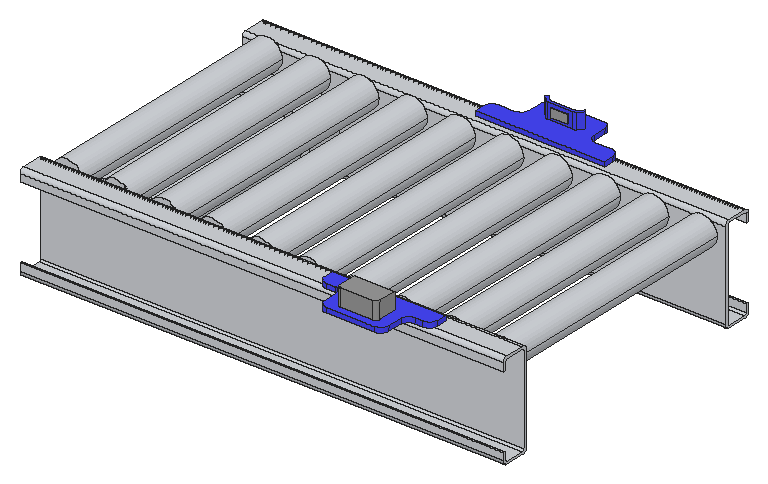
Revit family "C380_ENTRY", category Specialty Equipment, Revit 2025
Family settings
  Round Connector Dimension = Use Diameter
  Part Type = Normal
  Work Plane-Based = No
  Enable Cutting in Views = No
  Always vertical = Yes
  Cut with Voids When Loaded = No
  Maintain Annotation Orientation = No
  Shared = No
  Room Calculation Point = No
Parameters (values of type "C380-ENTRY-18"")
  Weight [instance] = 0
  Version = ""
  Subsystem [instance] = ""
  Special_Part_Number [instance] = ""
  Special_Description [instance] = ""
  Special_Bed [instance] = no
  Segment [instance] = ""
  SIO_Block_Number [instance] = ""
  Material_Number [instance] = ""
  MCP [instance] = ""
  Lookup Table Name BCL [instance] = "BOTTOM_COVER_BCL"
  Lookup Table Name [instance] = "PHOTO_EYE"
  Load_Envelope_Height [instance] = 1' - 0"
  Load_Envelope [instance] = no
  IO_Block_Number [instance] = ""
  Field_Cut [instance] = no
  Estop_Zone [instance] = ""
  Error_State [instance] = no
  Default Elevation = 0' - 0"
  Conveyor_Number [instance] = "100"
  Conveyor_Elevation_Out [instance] = Conveyor_Elevation_In  # 2' - 6"
  Conveyor_Elevation_In [instance] = 2' - 6"
  CLR_ZONE_CONTROL = "N"
  CLR_ZONES [instance] = 2' - 0"
  CLR_VFD = no
  CLR_TE_POSITION = "N"
  CLR_TAKE_UP_SPRING_QUANTITY = 0
  CLR_TAKE_UP = "N"
  CLR_SUBCLASS = ""
  CLR_SPRING_COVER [instance] = no
  CLR_SPEED_FPM = 0
  CLR_SLAVE_RATIO = "N"
  CLR_SENSOR_SKEW [instance] = size_lookup(Lookup Table Name, "CSS", CLR_PhotoEye_SP, CLR_NOMINAL_WIDTH, CLR_ZONES, CLR_SENSOR_ANGLE)  # 1' - 0"
  CLR_SENSOR_MOUNT [instance] = "Side"
  CLR_SENSOR_HAND [instance] = "Left"
  CLR_SENSOR_ANGLE [instance] = 9.00°
  CLR_ROLLER_NUM [instance] = CLR_BED_LENGTH / CLR_ROLLER_CENTER  # 10
  CLR_ROLLER_CENTER [instance] = 0' - 3"
  CLR_PhotoEye_SP [instance] = if(CLR_ZONES = 3' 0", 1' 0", if(CLR_ZONES = 2' 0", 0' 8", 0' 8"))  # 0' - 8"
  CLR_PULLEY_TYPE = "N"
  CLR_POPOUT_CARRYING_ROLLERS [instance] = no
  CLR_NOMINAL_WIDTH + 1" [instance] = CLR_NOMINAL_WIDTH + 0' 1"  # 1' - 7"
  CLR_NOMINAL_WIDTH  -2.5" [instance] = CLR_NOMINAL_WIDTH - 0' 2 1/2"  # 1' - 3 1/2"
  CLR_NOMINAL_WIDTH [instance] = if(Bed_Width = 1' 6", 1' 6", if(Bed_Width = 2' 0", 2' 0", if(Bed_Width = 2' 6", 2' 6", if(Bed_Width = 3' 0", 3' 0", if(Bed_Width = 3' 6", 3' 6", 1' 6")))))  # 1' - 6"
  CLR_MOTOR_VOLTAGE = "N"
  CLR_MOTOR_TYPE = "N"
  CLR_MOTOR_HP = 0
  CLR_MODULE = ""
  CLR_LIFTER_ROLLER_CENTER [instance] = 0' - 6"
  CLR_FINGER_GUARD [instance] = no
  CLR_DRIVE_TRAIN_TYPE = "N"
  CLR_DRIVE_SIZE = 0
  CLR_CONTROL_VOLTAGE = "N"
  CLR_CONTROL_DEVICE = "N"
  CLR_CONNECTION_KIT = "N"
  CLR_CARRYING_ROLLER [instance] = "Standard\r\nStandard\r\nStandard"
  CLR_BOTTOM_COVERS [instance] = no
  CLR_BED_LENGTH [instance] = Bed_Length  # 2' - 6"
  CLR_ASSEMBLY_HAND = "N"
  CLR_AIR_BRAKE = 0
  Belting [instance] = if(Bed_Width = 1' 6", 0' 8", if(Bed_Width = 2' 0", 0' 8", if(Bed_Width = 2' 6", 0' 8", if(Bed_Width = 3' 0", 0' 8", if(Bed_Width = 3' 6", 0' 8", 0' 8")))))  # 0' - 8"
  Bed_Width [instance] = 1' - 6"
  Bed_Length [instance] = if(CLR_ZONES = 3' 0", 3' 6", if(CLR_ZONES = 2' 0", 2' 6", 3' 6"))  # 2' - 6"
  BOTTOM_COVERS_LENGTH [instance] = Bed_Length  # 2' - 6"
  Asset ID [instance] = ""
  Air_Consumption [instance] = 0
Types (5): name | Conveyor_Elevation_Out | Conveyor_Elevation_In | CLR_ZONES | CLR_SENSOR_SKEW | CLR_ROLLER_NUM | CLR_PhotoEye_SP | CLR_NOMINAL_WIDTH + 1" | CLR_NOMINAL_WIDTH  -2.5" | CLR_NOMINAL_WIDTH | CLR_BED_LENGTH | Bed_Width | Bed_Length | BOTTOM_COVERS_LENGTH
  C380-ENTRY-18" | 2' - 6" | 2' - 6" | 2' - 0" | 1' - 0" | 10 | 0' - 8" | 1' - 7" | 1' - 3 1/2" | 1' - 6" | 2' - 6" | 1' - 6" | 2' - 6" | 2' - 6"
  C380-ENTRY-24" | 2' - 6" | 2' - 6" | 3' - 0" | 1' - 4" | 14 | 1' - 0" | 2' - 1" | 1' - 9 1/2" | 2' - 0" | 3' - 6" | 2' - 0" | 3' - 6" | 3' - 6"
  C380-ENTRY-30" | 2' - 7 51/256" | 2' - 7 51/256" | 3' - 0" | 1' - 6" | 14 | 1' - 0" | 2' - 7" | 2' - 3 1/2" | 2' - 6" | 3' - 6" | 2' - 6" | 3' - 6" | 3' - 6"
  C380-ENTRY-36" | 2' - 7 51/256" | 2' - 7 51/256" | 3' - 0" | 1' - 6" | 14 | 1' - 0" | 3' - 1" | 2' - 9 1/2" | 3' - 0" | 3' - 6" | 3' - 0" | 3' - 6" | 3' - 6"
  C380-ENTRY-42" | 2' - 7 51/256" | 2' - 7 51/256" | 3' - 0" | 1' - 8" | 14 | 1' - 0" | 3' - 7" | 3' - 3 1/2" | 3' - 6" | 3' - 6" | 3' - 6" | 3' - 6" | 3' - 6"
Reference planes (in)
  plane 1 "Centerline": y = 0
  plane 2: z = 0
  plane 3 "Entry_End": x = 0
  plane 4 "Top_of_Roller": z = 30
  plane 5 "Top_of_SideFrame": z = 29.71
  plane 6 "Bot_of_SideFrame": z = 23.71
  plane 7 "LH_Out": y = 9.5
  plane 8 "RH_Out": y = -9.5
  plane 9 "RH_In": y = -7.75
  plane 10 "LH_In": y = 7.75
  plane 11 "Exit_End": x = 30
  plane 12 "PhotoEye_SP": x = 22
  plane 13: x = 60.81944
  plane 14: y = -38.13976
  plane 15: z = 30
  plane 16: z = 42
  plane 17: y = -7.75
  plane 18: y = 7.75
  plane 19 "END_PULLY": y = 5.44
  plane 20: y = -5.44
Forms (in)
  Extrusion 1, solid, detail levels coarse+medium
    sketch origin (0, 0, 0) x (0, 1, 0) y (0, 0, 1)
      loop
        line (9.5, 29.71) -> (-9.5, 29.71) -> (-9.5, 23.71) -> (9.5, 23.71) -> (9.5, 29.71)
    from 0 to 30
  Extrusion 2, solid, material "Load Envelope", visible <- "Load_Envelope"
    sketch origin (0, 0, 0) x (0, 1, 0) y (0, 0, 1)
      loop
        line (7.75, 42) -> (-7.75, 42) -> (-7.75, 30) -> (7.75, 30) -> (7.75, 42)
    from 0 to 30
  Extrusion 3, solid
    sketch origin (0, 0, 0) x (1, 0, 0) y (0, 0, 1)
      loop
        circle (3.5, 25.93) r 1.94
    from -5.44 to 5.44
  Extrusion 4, solid
    sketch origin (0, 5.44, 0) x (-1, 0, 0) y (0, 0, 1)
      loop
        line (-0.38, 28.04) -> (-6, 28.04) -> (-6, 23.71) -> (-0.38, 23.71) -> (-0.38, 28.04)
    from 0 to 2.31
  Extrusion 5, solid
    sketch origin (0, -16.75, 0) x (-1, 0, 0) y (0, 0, 1)
      loop
        line (-0.38, 28.04) -> (-6, 28.04) -> (-6, 23.71) -> (-0.38, 23.71) -> (-0.38, 28.04)
    from 9 to 11.31
  Extrusion 6, solid
    sketch origin (0, 0, 0) x (1, 0, 0) y (0, 0, 1)
      loop
        arc (1.1444, 24.115) -> (1.18102, 24.02661) -> (1.2694, 23.99) r 0.125
        line (1.2694, 23.99) -> (1.8944, 23.99) -> (1.8944, 24.06813) -> (1.2869, 24.06813)
        arc (1.2869, 24.06813) -> (1.24271, 24.08643) -> (1.2244, 24.13063) r 0.0625
        line (1.2244, 24.13063) -> (1.2244, 27.72938)
        arc (1.2244, 27.72938) -> (1.24271, 27.77357) -> (1.2869, 27.79188) r 0.0625
        line (1.2869, 27.79188) -> (1.8944, 27.79188) -> (1.8944, 27.87) -> (1.2694, 27.87)
        arc (1.2694, 27.87) -> (1.18102, 27.83339) -> (1.1444, 27.745) r 0.125
        line (1.1444, 27.745) -> (1.1444, 24.115)
    from -5.44 to 5.44
Lines and regions (in)
  model lines, style "Belt"
    curve 1: line (0, 4, 30) -> (30, 4, 30)
    curve 2: line (0, -4, 30) -> (0, 4, 30)
    curve 3: line (30, -4, 30) -> (0, -4, 30)
    curve 4: line (30, 4, 30) -> (30, -4, 30)
  model lines, style "Centerline"
    curve 5: line (0, 0, 30) -> (30, 0, 30)
  model lines, style "Flow Arrow", not visible
    curve 6: line (108.81944, -38.13976, 30) -> (132.81944, -38.13976, 30)
    curve 7: line (132.81944, -38.13976, 30) -> (122.42713, -32.13976, 30)
    curve 8: line (132.81944, -38.13976, 30) -> (122.42713, -44.13976, 30)
Dimensions and locks (in)
  equal spacing: plane 10 "LH_In", plane 1 "Centerline", plane 9 "RH_In"
  "CLR_NOMINAL_WIDTH  -2.5"": plane 10 "LH_In" to plane 9 "RH_In"
  equal spacing: plane 7 "LH_Out", plane 1 "Centerline", plane 8 "RH_Out"
  "CLR_NOMINAL_WIDTH + 1"": plane 7 "LH_Out" to plane 8 "RH_Out"
  "Conveyor_Elevation_In": plane 4 "Top_of_Roller" to level
  locked: plane 4 "Top_of_Roller" to plane 5 "Top_of_SideFrame" at 0.29
  locked: plane 5 "Top_of_SideFrame" to plane 6 "Bot_of_SideFrame" at 6
  locked: nested 1 to plane 6 "Bot_of_SideFrame"
  locked: nested 1 to plane 10 "LH_In"
  locked: plane 6 "Bot_of_SideFrame" to nested 2
  locked: plane 9 "RH_In" to nested 2
  locked: plane 3 "Entry_End" to nested 3 at 1.5
  locked: plane 4 "Top_of_Roller" to nested 3
  equal spacing: group 1, group 2, group 3, group 4, group 5, group 6, group 7, group 8, group 10, group 11  (x2)
  equal spacing: group 11, group 10, group 8, group 7, group 6, group 5, group 4, group 3, group 2, group 1
  locked: plane 3 "Entry_End" to nested 4 at 4.5
  "CLR_BED_LENGTH": plane 3 "Entry_End" to plane 11 "Exit_End"
  "CLR_PhotoEye_SP": plane 11 "Exit_End" to plane 12 "PhotoEye_SP"
  locked: plane 5 "Top_of_SideFrame" to nested 11
  locked: plane 8 "RH_Out" to nested 12
  locked: plane 5 "Top_of_SideFrame" to nested 12
  equal spacing: curve 3, plane 1 "Centerline", curve 1
  "Belting": curve 3 to curve 1
  equal spacing: plane 18, plane 1 "Centerline", plane 17
  "CLR_NOMINAL_WIDTH  -2.5"": plane 18 to plane 17
  "Load_Envelope_Height": plane 16 to plane 15
  locked: plane 3 "Entry_End" to nested 15
  plane 12 "PhotoEye_SP" to plane 11 "Exit_End" = 0' - 8"
  locked: Extrusion 3 sketch curve to plane 3 "Entry_End" at 3.5
  locked: Extrusion 3 sketch curve to plane 6 "Bot_of_SideFrame" at 2.22
  equal spacing: plane 19 "END_PULLY", plane 1 "Centerline", plane 20
  locked: plane 19 "END_PULLY" to plane 10 "LH_In" at 2.31
  locked: Extrusion 4 sketch curve to plane 3 "Entry_End" at 0.38
  locked: Extrusion 4 sketch curve to Extrusion 1 at 4.33
  locked: Extrusion 4 sketch curve to Extrusion 4 sketch curve at 5.62
  locked: Extrusion 5 sketch curve to Extrusion 5 sketch curve at 5.62
  locked: Extrusion 5 to plane 20
  locked: plane 3 "Entry_End" to Extrusion 5 at 0.38
  locked: Extrusion 6 sketch curve to Extrusion 6 sketch curve at 0.08
  locked: Extrusion 6 to plane 3 "Entry_End" at 1.1444
  locked: Extrusion 6 to plane 6 "Bot_of_SideFrame" at 0.28
  "CLR_SENSOR_SKEW": nested 11 to plane 11 "Exit_End"
  aligned and locked: level to plane 2
  aligned and locked: plane 3 "Entry_End" to nested 1
  aligned and locked: plane 3 "Entry_End" to nested 2
  aligned and locked: plane 1 "Centerline" to nested 3
  aligned and locked: plane 7 "LH_Out" to nested 11
  aligned and locked: plane 12 "PhotoEye_SP" to nested 12
  aligned and locked: plane 3 "Entry_End" to curve 2
  aligned and locked: curve 4 to plane 11 "Exit_End"
  aligned and locked: Extrusion 1 to plane 7 "LH_Out"
  aligned and locked: plane 5 "Top_of_SideFrame" to Extrusion 1
  aligned and locked: Extrusion 1 to plane 6 "Bot_of_SideFrame"
  aligned and locked: plane 11 "Exit_End" to Extrusion 1
  aligned and locked: plane 4 "Top_of_Roller" to plane 15
  aligned and locked: plane 16 to Extrusion 2 sketch curve
  aligned and locked: Extrusion 2 sketch curve to plane 10 "LH_In"
  aligned and locked: Extrusion 2 sketch curve to nested 3  (x2)
  aligned and locked: plane 11 "Exit_End" to Extrusion 2
  aligned and locked: nested 15 to plane 6 "Bot_of_SideFrame"
  aligned and locked: plane 1 "Centerline" to nested 15
  aligned and locked: Extrusion 3 to plane 20
  aligned and locked: plane 19 "END_PULLY" to Extrusion 3
  aligned and locked: Extrusion 4 to plane 10 "LH_In"
  aligned and locked: plane 9 "RH_In" to Extrusion 5
  aligned and locked: plane 19 "END_PULLY" to Extrusion 6
  aligned and locked: Extrusion 6 to plane 20
Automatic sketch dimensions
  plane 1 "Centerline" to curve 5 = 0' - 0"
  Extrusion 1 sketch curve to plane 5 "Top_of_SideFrame" = 0' - 0"
  Extrusion 1 sketch curve to plane 8 "RH_Out" = 0' - 0"
  Extrusion 1 sketch curve to plane 6 "Bot_of_SideFrame" = 0' - 0"
  Extrusion 1 sketch curve to plane 7 "LH_Out" = 0' - 0"
  Extrusion 4 sketch curve to plane 6 "Bot_of_SideFrame" = 0' - 0"
  Extrusion 5 sketch curve to plane 6 "Bot_of_SideFrame" = 0' - 0"
  Extrusion 5 sketch curve to plane 5 "Top_of_SideFrame" = 0' - 1.67"
  plane 3 "Entry_End" to Extrusion 5 sketch curve = 0' - 6"
  Extrusion 6 sketch curve to Extrusion 6 sketch curve = 0' - 0.045"
  Extrusion 6 sketch curve to Extrusion 6 sketch curve = 0' - 0.0175"  (x2)
  Extrusion 6 sketch curve to Extrusion 6 sketch curve = 0' - 0 1/8"
  Extrusion 6 sketch curve to Extrusion 6 sketch curve = 0' - 0.6075"  (x2)
  plane 6 "Bot_of_SideFrame" to Extrusion 6 sketch curve = 0' - 0.28"
  Extrusion 6 sketch curve to Extrusion 6 sketch curve = 0' - 0 5/64"
  Extrusion 6 sketch curve to plane 5 "Top_of_SideFrame" = 0' - 1.98062"
  Extrusion 6 sketch curve to Extrusion 6 sketch curve = 0' - 0 1/64"
  plane 3 "Entry_End" to Extrusion 6 sketch curve = 0' - 1.1444"
  radius of Extrusion 3 sketch curve = 0' - 1.94"
Nested families (in)
  nested 1: "SW0024A" at (15, 8.625, -0.29) x (0, -1, 0) z (0, 0, 1), Bed_Length <- "CLR_BED_LENGTH", type "SW0024A", detail levels fine
    with Conveyor_Elevation_In 2' - 6", Bed_Length 2' - 6"
  nested 2: "SW0023A" at (15, -8.625, -0.29) x (0, -1, 0) z (0, 0, 1), Bed_Length <- "CLR_BED_LENGTH", type "SW0023A", detail levels fine
    with Conveyor_Elevation_In 2' - 6", Bed_Length 2' - 6"
  nested 3: "SW0289" at (1.5, 0, 0), B <- "CLR_NOMINAL_WIDTH  -2.5"", type "SW0289", detail levels fine
    with Conveyor_Elevation_In 2' - 6", B 1' - 3 1/2"
  nested 4: "SW0289" at (4.5, 0, -0.041), B <- "CLR_NOMINAL_WIDTH  -2.5"", type "SW0289", detail levels fine
    with Conveyor_Elevation_In 2' - 6", B 1' - 3 1/2"
  nested 5: "SW0289" at (7.5, 0, -0.082), B <- "CLR_NOMINAL_WIDTH  -2.5"", type "SW0289", detail levels fine
    with Conveyor_Elevation_In 2' - 6", B 1' - 3 1/2"
  nested 6: "SW0289" at (10.5, 0, -0.123), B <- "CLR_NOMINAL_WIDTH  -2.5"", type "SW0289", detail levels fine
    with Conveyor_Elevation_In 2' - 6", B 1' - 3 1/2"
  nested 7: "SW0289" at (13.5, 0, -0.164), B <- "CLR_NOMINAL_WIDTH  -2.5"", type "SW0289", detail levels fine
    with Conveyor_Elevation_In 2' - 6", B 1' - 3 1/2"
  nested 8: "SW0289" at (16.5, 0, -0.20499), B <- "CLR_NOMINAL_WIDTH  -2.5"", type "SW0289", detail levels fine
    with Conveyor_Elevation_In 2' - 6", B 1' - 3 1/2"
  nested 9: "SW0289" at (19.5, 0, -0.24599), B <- "CLR_NOMINAL_WIDTH  -2.5"", type "SW0289", detail levels fine
    with Conveyor_Elevation_In 2' - 6", B 1' - 3 1/2"
  nested 10: "SW0289" at (22.5, 0, -0.28699), B <- "CLR_NOMINAL_WIDTH  -2.5"", type "SW0289", detail levels fine
    with Conveyor_Elevation_In 2' - 6", B 1' - 3 1/2"
  nested 11: "SW0014" at (18, 9.5, -0.00094), type "SW0014"
  nested 12: "SW0037-01" at (22, -9.5, -0.00094), type "SW0037-01"
    with Conveyor_Elevation_In 2' - 5 91/128"
  nested 13: "SW0289" at (25.5, 0, -0.32799), B <- "CLR_NOMINAL_WIDTH  -2.5"", type "SW0289", detail levels fine
    with Conveyor_Elevation_In 2' - 6", B 1' - 3 1/2"
  nested 14: "SW0289" at (28.5, 0, -0.36899), B <- "CLR_NOMINAL_WIDTH  -2.5"", type "SW0289", detail levels fine
    with Conveyor_Elevation_In 2' - 6", B 1' - 3 1/2"
  nested 15: "SW0046" at (15, 0, 0), CLR_NOMINAL_WIDTH <- "CLR_NOMINAL_WIDTH  -2.5"", bottom cover length <- "BOTTOM_COVERS_LENGTH", visible <- "CLR_BOTTOM_COVERS", type "SW0046", detail levels fine
    with bottom cover length 30.000", Nominal wedith 15.268", CLR_NOMINAL_WIDTH 1' - 3 1/2"
Connectors (in)
  cabletrayconduit at (30, 0, 26.71), diameter 6
    settings: on Extrusion 1, index 1, connector width 1' - 0", connector height 1' - 0", connector angle 0.00°, system type 32, placement type 0, profile type 0, connector reference index -1, is primary connector yes, connector utility param no, connector description ""
  cabletrayconduit at (0, 0, 26.71), diameter 6
    settings: on Extrusion 1, index 2, connector width 1' - 0", connector height 1' - 0", connector angle 0.00°, system type 32, placement type 0, profile type 0, connector reference index -1, is primary connector no, connector utility param no, connector description ""
Definition of nested family "SW0024A"
  Parameters (values of type "SW0024A")
    Description = "SW0001A - 6.00 X 1.75 X \"A\" LG"
    Default Elevation = 0' - 0"
    Conveyor_Elevation_In [instance] = 2' - 6"
    Bed_Length [instance] = 12' - 0"
  Reference planes (in)
    plane 1 "Center (Front/Back)": y = 0
    plane 2: z = 0
    plane 3 "Centerline": x = 0
    plane 4 "Bot_of_SideFrame": z = 24
    plane 5 "Top_of_SideFrame": z = 30
    plane 6 "LH_Out": x = 0.875
    plane 7 "LH_In": x = -0.875
    plane 8 "Entry_End": y = -72
    plane 9 "Exit_End": y = 72
  Forms (in)
    Extrusion 1, solid
      sketch origin (0, 0, 0) x (1, 0, 0) y (0, 0, 1)
        loop
          arc (-0.615, 30) -> (-0.79885, 29.92385) -> (-0.875, 29.74) r 0.26
          line (-0.875, 29.74) -> (-0.875, 29.25) -> (-0.74609, 29.25) -> (-0.74609, 29.75109)
          arc (-0.74609, 29.75109) -> (-0.71095, 29.83595) -> (-0.62609, 29.87109) r 0.12
          line (-0.62609, 29.87109) -> (0.62609, 29.87109)
          arc (0.62609, 29.87109) -> (0.71095, 29.83595) -> (0.74609, 29.75109) r 0.12
          line (0.74609, 29.75109) -> (0.74609, 24.24891)
          arc (0.74609, 24.24891) -> (0.71095, 24.16405) -> (0.62609, 24.12891) r 0.12
          line (0.62609, 24.12891) -> (-0.62609, 24.12891)
          arc (-0.62609, 24.12891) -> (-0.71095, 24.16405) -> (-0.74609, 24.24891) r 0.12
          line (-0.74609, 24.24891) -> (-0.74609, 24.75) -> (-0.875, 24.75) -> (-0.875, 24.26)
          arc (-0.875, 24.26) -> (-0.79885, 24.07615) -> (-0.615, 24) r 0.26
          line (-0.615, 24) -> (0.615, 24)
          arc (0.615, 24) -> (0.79885, 24.07615) -> (0.875, 24.26) r 0.26
          line (0.875, 24.26) -> (0.875, 29.74)
          arc (0.875, 29.74) -> (0.79885, 29.92385) -> (0.615, 30) r 0.26
          line (0.615, 30) -> (-0.615, 30)
      from -72 to 72
  Dimensions and locks (in)
    "Conveyor_Elevation_In": plane 5 "Top_of_SideFrame" to level
    locked: plane 5 "Top_of_SideFrame" to plane 4 "Bot_of_SideFrame" at 6
    equal spacing: plane 6 "LH_Out", plane 3 "Centerline", plane 7 "LH_In"
    plane 6 "LH_Out" to plane 7 "LH_In" = 0' - 1 3/4"
    plane 6 "LH_Out" to plane 3 "Centerline" = 0' - 0 7/8"
    equal spacing: plane 9 "Exit_End", plane 1 "Center (Front/Back)", plane 8 "Entry_End"
    "Bed_Length": plane 9 "Exit_End" to plane 8 "Entry_End"
    aligned and locked: plane 2 to level
    aligned and locked: Extrusion 1 sketch curve to plane 5 "Top_of_SideFrame"
    aligned and locked: plane 7 "LH_In" to Extrusion 1 sketch curve
    aligned and locked: plane 4 "Bot_of_SideFrame" to Extrusion 1 sketch curve
    aligned and locked: plane 6 "LH_Out" to Extrusion 1 sketch curve
    aligned and locked: Extrusion 1 to plane 8 "Entry_End"
    aligned and locked: plane 9 "Exit_End" to Extrusion 1
  Automatic sketch dimensions
    Extrusion 1 sketch curve to plane 7 "LH_In" = 0' - 0"
    Extrusion 1 sketch curve to Extrusion 1 sketch curve = 0' - 0 33/256"  (x2)
    Extrusion 1 sketch curve to Extrusion 1 sketch curve = 0' - 0.12"  (x3)
    Extrusion 1 sketch curve to Extrusion 1 sketch curve = 0' - 0.01109"  (x5)
    Extrusion 1 sketch curve to plane 5 "Top_of_SideFrame" = 0' - 0.26"
    plane 6 "LH_Out" to Extrusion 1 sketch curve = 0' - 0.26"
    plane 4 "Bot_of_SideFrame" to Extrusion 1 sketch curve = 0' - 0 33/256"
    Extrusion 1 sketch curve to Extrusion 1 sketch curve = 0' - 0.49"  (x2)
Definition of nested family "SW0023A"
  Parameters (values of type "SW0023A")
    Description = "SW0001A - 6.00 X 1.75 X \"A\" LG"
    Default Elevation = 0' - 0"
    Conveyor_Elevation_In [instance] = 2' - 6"
    Bed_Length [instance] = 12' - 0"
  Reference planes (in)
    plane 1 "Center (Front/Back)": y = 0
    plane 2: z = 0
    plane 3 "CenterLine": x = 0
    plane 4 "Bot_of_SideFrame": z = 24
    plane 5 "Top_of_SideFrame": z = 30
    plane 6 "RH_OUT": x = 0.875
    plane 7 "RH_IN": x = -0.875
    plane 8 "Entry_End": y = -72
    plane 9 "Exit_End": y = 72
  Forms (in)
    Extrusion 1, solid
      sketch origin (0, 0, 0) x (1, 0, 0) y (0, 0, 1)
        loop
          arc (-0.615, 30) -> (-0.79885, 29.92385) -> (-0.875, 29.74) r 0.26
          line (-0.875, 29.74) -> (-0.875, 24.26)
          arc (-0.875, 24.26) -> (-0.79885, 24.07615) -> (-0.615, 24) r 0.26
          line (-0.615, 24) -> (0.615, 24)
          arc (0.615, 24) -> (0.79885, 24.07615) -> (0.875, 24.26) r 0.26
          line (0.875, 24.26) -> (0.875, 24.75) -> (0.74219, 24.75) -> (0.74219, 24.25281)
          arc (0.74219, 24.25281) -> (0.70704, 24.16796) -> (0.62219, 24.13281) r 0.12
          line (0.62219, 24.13281) -> (-0.62219, 24.13281)
          arc (-0.62219, 24.13281) -> (-0.70704, 24.16796) -> (-0.74219, 24.25281) r 0.12
          line (-0.74219, 24.25281) -> (-0.74219, 29.74719)
          arc (-0.74219, 29.74719) -> (-0.70704, 29.83204) -> (-0.62219, 29.86719) r 0.12
          line (-0.62219, 29.86719) -> (0.62219, 29.86719)
          arc (0.62219, 29.86719) -> (0.70704, 29.83204) -> (0.74219, 29.74719) r 0.12
          line (0.74219, 29.74719) -> (0.74219, 29.25) -> (0.875, 29.25) -> (0.875, 29.74)
          arc (0.875, 29.74) -> (0.79885, 29.92385) -> (0.615, 30) r 0.26
          line (0.615, 30) -> (-0.615, 30)
      from -72 to 72
  Dimensions and locks (in)
    equal spacing: plane 6 "RH_OUT", plane 3 "CenterLine", plane 7 "RH_IN", locked at 0.875 each
    "Conveyor_Elevation_In": plane 5 "Top_of_SideFrame" to level
    locked: plane 5 "Top_of_SideFrame" to plane 4 "Bot_of_SideFrame" at 6
    plane 6 "RH_OUT" to plane 7 "RH_IN" = 0' - 1 3/4"
    equal spacing: plane 9 "Exit_End", plane 1 "Center (Front/Back)", plane 8 "Entry_End"
    "Bed_Length": plane 9 "Exit_End" to plane 8 "Entry_End"
    aligned and locked: plane 2 to level
    aligned and locked: Extrusion 1 to plane 8 "Entry_End"
    aligned and locked: plane 9 "Exit_End" to Extrusion 1
  Automatic sketch dimensions
    Extrusion 1 sketch curve to plane 7 "RH_IN" = 0' - 0"
    Extrusion 1 sketch curve to plane 4 "Bot_of_SideFrame" = 0' - 0"
    Extrusion 1 sketch curve to plane 5 "Top_of_SideFrame" = 0' - 0"
    Extrusion 1 sketch curve to plane 6 "RH_OUT" = 0' - 0"  (x2)
    Extrusion 1 sketch curve to Extrusion 1 sketch curve = 0' - 0.12"  (x3)
    Extrusion 1 sketch curve to Extrusion 1 sketch curve = 0' - 0.00719"  (x9)
    Extrusion 1 sketch curve to plane 6 "RH_OUT" = 0' - 0 17/128"
    Extrusion 1 sketch curve to Extrusion 1 sketch curve = 0' - 0.12719"
    Extrusion 1 sketch curve to Extrusion 1 sketch curve = 0' - 0.49719"
    Extrusion 1 sketch curve to Extrusion 1 sketch curve = 0' - 0.49"
    Extrusion 1 sketch curve to Extrusion 1 sketch curve = 0' - 0"
    plane 7 "RH_IN" to Extrusion 1 sketch curve = 0' - 0 17/128"
Definition of nested family "SW0289"
  Parameters (values of type "SW0289")
    Default Elevation = 0' - 0"
    Conveyor_Elevation_In [instance] = 2' - 6"
    B [instance] = 2' - 3 1/2"
  Reference planes (in)
    plane 1 "Center (Front/Back)": y = 0
    plane 2: z = 0
    plane 3 "Center (Left/Right)": x = 0
    plane 4 "Top_of_Roller": z = 30
    plane 5 "RH_In": y = -13.75
    plane 6 "LH_In": y = 13.75
    plane 7: z = 29.0625
  Forms (in)
    Extrusion 1, solid
      sketch origin (0, 0, 1.0625) x (1, 0, 0) y (0, 0, 1)
        loop
          circle (0, 28) r 0.9375
      from -13.75 to 13.75
  Dimensions and locks (in)
    "Conveyor_Elevation_In": plane 4 "Top_of_Roller" to level
    plane 4 "Top_of_Roller" to Extrusion 1 sketch curve = 0' - 0 15/16"
    equal spacing: plane 6 "LH_In", plane 1 "Center (Front/Back)", plane 5 "RH_In"
    "B": plane 6 "LH_In" to plane 5 "RH_In"
    locked: plane 4 "Top_of_Roller" to plane 7 at 0.9375
    diameter of Extrusion 1 sketch curve = 0' - 1 7/8"
    aligned and locked: level to plane 2
    aligned and locked: Extrusion 1 to plane 5 "RH_In"
    aligned and locked: plane 6 "LH_In" to Extrusion 1
    aligned and locked: plane 7 to Extrusion 1
  Automatic sketch dimensions
    Extrusion 1 sketch curve to plane 3 "Center (Left/Right)" = 0' - 0"
Definition of nested family "SW0014"
  Parameters (values of type "SW0014")
    Default Elevation = 4' - 0"
    Conveyor_Elevation_In = 2' - 5 91/128"
  Reference planes (in)
    plane 1 "Center (Front/Back)": y = 0
    plane 2: z = 0
    plane 3 "Center (Left/Right)": x = 0
    plane 4: y = 1.88
    plane 5: x = 4
    plane 6: x = -4
    plane 7: y = -1.13
    plane 8: x = -1.25
    plane 9: x = 1.25
    plane 10: z = 30.47656
    plane 11 "Top_of_SideFrame": z = 29.71094
  Forms (in)
    Extrusion 1, solid
      sketch origin (0, 0, 0) x (1, 0, 0) y (0, 1, 0)
        loop
          line (-4, -1.13) -> (4, -1.13) -> (4, -0.5)
          arc (4, -0.5) -> (3.85355, -0.14645) -> (3.5, 0) r 0.5
          line (3.5, 0) -> (2.5, 0)
          arc (2.5, 0) -> (2.14645, 0.14645) -> (2, 0.5) r 0.5
          line (2, 0.5) -> (2, 1.38)
          arc (2, 1.38) -> (1.85355, 1.73355) -> (1.5, 1.88) r 0.5
          line (1.5, 1.88) -> (-1.5, 1.88)
          arc (-1.5, 1.88) -> (-1.85355, 1.73355) -> (-2, 1.38) r 0.5
          line (-2, 1.38) -> (-2, 0.5)
          arc (-2, 0.5) -> (-2.14645, 0.14645) -> (-2.5, 0) r 0.5
          line (-2.5, 0) -> (-3.5, 0)
          arc (-3.5, 0) -> (-3.85355, -0.14645) -> (-4, -0.5) r 0.5
          line (-4, -0.5) -> (-4, -1.13)
      from 29.71094 to 30
    Extrusion 2, solid
      sketch origin (0, 0, 30) x (1, 0, 0) y (0, 1, 0)
        loop
          line (-1.25, 0.75) -> (-0.96967, 0.46967)
          arc (-0.96967, 0.46967) -> (-0.88856, 0.41548) -> (-0.79289, 0.39645) r 0.25
          line (-0.79289, 0.39645) -> (0.79289, 0.39645)
          arc (0.79289, 0.39645) -> (0.88856, 0.41548) -> (0.96967, 0.46967) r 0.25
          line (0.96967, 0.46967) -> (1.25, 0.75) -> (1.11261, 0.88739) -> (0.88919, 0.66397)
          arc (0.88919, 0.66397) -> (0.80808, 0.60978) -> (0.71241, 0.59075) r 0.25
          line (0.71241, 0.59075) -> (-0.71241, 0.59075)
          arc (-0.71241, 0.59075) -> (-0.80808, 0.60978) -> (-0.88919, 0.66397) r 0.25
          line (-0.88919, 0.66397) -> (-1.11261, 0.88739) -> (-1.25, 0.75)
      from 0 to 0.94922
    Extrusion 3, solid
      sketch origin (0.89645, 0.39645, 29.47656) x (-1, 0, 0) y (0, 0, -1)
        loop
          line (1.39645, -1.26562) -> (1.39645, -0.73437) -> (0.39645, -0.73437) -> (0.39645, -1.26562) -> (1.39645, -1.26562)
      from 0 to 0.06578
  Dimensions and locks (in)
    equal spacing: plane 6, plane 3 "Center (Left/Right)", plane 5
    equal spacing: Extrusion 1 sketch curve, plane 3 "Center (Left/Right)", Extrusion 1 sketch curve
    equal spacing: Extrusion 3 sketch curve, plane 3 "Center (Left/Right)", Extrusion 3 sketch curve
    equal spacing: Extrusion 3 sketch curve, plane 10, Extrusion 3 sketch curve
    Extrusion 3 sketch curve to Extrusion 3 sketch curve = 0' - 1"
    Extrusion 3 sketch curve to Extrusion 3 sketch curve = 0' - 0 17/32"
    Extrusion 1 sketch curve to Extrusion 1 sketch curve = 0' - 4"
    plane 1 "Center (Front/Back)" to plane 4 = 0' - 1.88"
    plane 6 to plane 5 = 0' - 8"
    plane 1 "Center (Front/Back)" to plane 7 = 0' - 1.13"
    "Conveyor_Elevation_In": plane 11 "Top_of_SideFrame" to level
    locked: Extrusion 1 to plane 11 "Top_of_SideFrame" at 0.28906
    locked: Extrusion 1 to Extrusion 3 at 0.5
    aligned and locked: plane 2 to level
    aligned and locked: Extrusion 1 sketch curve to plane 4
    aligned and locked: plane 5 to Extrusion 1 sketch curve
    aligned and locked: Extrusion 1 sketch curve to plane 7
    aligned and locked: plane 11 "Top_of_SideFrame" to Extrusion 1
  Automatic sketch dimensions
    Extrusion 1 sketch curve to plane 6 = 0' - 0"
    plane 1 "Center (Front/Back)" to Extrusion 1 sketch curve = 0' - 0"  (x2)
    Extrusion 1 sketch curve to Extrusion 1 sketch curve = 0' - 0 1/2"  (x4)
    Extrusion 1 sketch curve to plane 1 "Center (Front/Back)" = 0' - 0 1/2"
    Extrusion 1 sketch curve to plane 4 = 0' - 0 1/2"
    Extrusion 2 sketch curve to Extrusion 1 = 0' - 0 3/4"
    Extrusion 2 sketch curve to Extrusion 2 sketch curve = 0' - 0.13739"
    Extrusion 1 to Extrusion 2 sketch curve = 0' - 0.46967"  (x2)
    Extrusion 2 sketch curve to Extrusion 2 sketch curve = 0' - 0.28033"
    Extrusion 1 to Extrusion 2 sketch curve = 0' - 0.66397"  (x2)
    Extrusion 2 sketch curve to Extrusion 2 sketch curve = 0' - 0.08048"  (x3)
    Extrusion 2 sketch curve to Extrusion 2 sketch curve = 0' - 0.17678"  (x2)
    Extrusion 2 sketch curve to Extrusion 1 = 0' - 1.28759"
    Extrusion 2 sketch curve to Extrusion 2 sketch curve = 0' - 0.0963"
    Extrusion 2 sketch curve to Extrusion 2 sketch curve = 0' - 0.22342"
    Extrusion 1 to Extrusion 2 sketch curve = 0' - 0 3/4"
    Extrusion 2 sketch curve to Extrusion 2 sketch curve = 0' - 0.07322"
    Extrusion 2 sketch curve to Extrusion 2 sketch curve = 0' - 0.0557"
Definition of nested family "SW0037-01"
  Parameters (values of type "SW0037-01")
    Default Elevation = 4' - 0"
    Conveyor_Elevation_In [instance] = 2' - 5 91/128"
  Reference planes (in)
    plane 1 "Center (Front/Back)": y = 0
    plane 2: z = 0
    plane 3 "Center (Left/Right)": x = 0
    plane 4: y = -1.87
    plane 5: x = -3.5
    plane 6: x = 3.5
    plane 7: y = 1.13
    plane 8: y = 0.6875
    plane 9: z = 1.09766
    plane 10 "Top_of_SideFrame": z = 29.71094
  Forms (in)
    Extrusion 1, solid
      sketch origin (0, 0, 0) x (-1, 0, 0) y (0, -1, 0)
        loop
          line (-3.5, -0.5) -> (-3.5, -1.13) -> (3.5, -1.13) -> (3.5, -0.5)
          arc (3.5, -0.5) -> (3.35355, -0.14645) -> (3, 0) r 0.5
          line (3, 0) -> (2.5, 0)
          arc (2.5, 0) -> (2.14645, 0.14645) -> (2, 0.5) r 0.5
          line (2, 0.5) -> (2, 1.37)
          arc (2, 1.37) -> (1.85355, 1.72355) -> (1.5, 1.87) r 0.5
          line (1.5, 1.87) -> (-1.5, 1.87)
          arc (-1.5, 1.87) -> (-1.85355, 1.72355) -> (-2, 1.37) r 0.5
          line (-2, 1.37) -> (-2, 0.5)
          arc (-2, 0.5) -> (-2.14645, 0.14645) -> (-2.5, 0) r 0.5
          line (-2.5, 0) -> (-3, 0)
          arc (-3, 0) -> (-3.35355, -0.14645) -> (-3.5, -0.5) r 0.5
      from 29.71094 to 30
    Extrusion 2, solid
      sketch origin (0, 0, 0) x (1, 0, 0) y (0, 1, 0)
        loop
          line (-1.25, 0) -> (-1.25, -1.125)
          arc (-1.25, -1.125) -> (-1.17678, -1.30178) -> (-1, -1.375) r 0.25
          line (-1, -1.375) -> (1, -1.375)
          arc (1, -1.375) -> (1.17678, -1.30178) -> (1.25, -1.125) r 0.25
          line (1.25, -1.125) -> (1.25, 0) -> (-1.25, 0)
      from 30 to 31.05078
    Extrusion 3, solid
      sketch origin (-1.36459, 0, 0) x (1, 0, 0) y (0, 0, -1)
        loop
          circle (1.36459, -30.55078) r 0.25
      from 0 to 0.08951
  Dimensions and locks (in)
    equal spacing: Extrusion 1 sketch curve, plane 3 "Center (Left/Right)", Extrusion 1 sketch curve
    equal spacing: Extrusion 2 sketch curve, plane 3 "Center (Left/Right)", Extrusion 2 sketch curve
    locked: plane 4 to plane 1 "Center (Front/Back)" at 1.87
    plane 1 "Center (Front/Back)" to Extrusion 1 sketch curve = 0' - 1.13"
    equal spacing: plane 5, plane 3 "Center (Left/Right)", plane 6
    plane 5 to plane 6 = 0' - 7"
    Extrusion 1 sketch curve to Extrusion 1 sketch curve = 0' - 4"
    "Conveyor_Elevation_In": plane 10 "Top_of_SideFrame" to level
    Extrusion 2 to Extrusion 3 sketch curve = 0' - 0 1/2"
    aligned and locked: plane 2 to level
    aligned and locked: Extrusion 1 sketch curve to plane 4
  Automatic sketch dimensions
    Extrusion 1 sketch curve to plane 6 = 0' - 0"
    plane 1 "Center (Front/Back)" to Extrusion 1 sketch curve = 0' - 0"  (x2)
    Extrusion 1 sketch curve to plane 5 = 0' - 0"
    plane 6 to Extrusion 1 sketch curve = 0' - 0 1/2"
    Extrusion 1 sketch curve to Extrusion 1 sketch curve = 0' - 0 1/2"  (x3)
    Extrusion 1 sketch curve to plane 4 = 0' - 0 1/2"
    Extrusion 1 sketch curve to plane 8 = 0' - 0 3/16"
    plane 1 "Center (Front/Back)" to Extrusion 2 sketch curve = 0' - 0"
    Extrusion 2 sketch curve to plane 3 "Center (Left/Right)" = 0' - 1 1/4"
    Extrusion 2 sketch curve to Extrusion 2 sketch curve = 0' - 0 1/4"  (x2)
    plane 1 "Center (Front/Back)" to Extrusion 2 sketch curve = 0' - 1 1/8"
    Extrusion 3 sketch curve to Extrusion 2 = 0' - 1 1/4"
    radius of Extrusion 3 sketch curve = 0' - 0 1/4"
Definition of nested family "SW0046"
  Parameters (values of type "SW0046")
    Default Elevation = 0' - 0"
    bottom cover length [instance] = 36.000"
    Nominal wedith [instance] = CLR_NOMINAL_WIDTH - 0.116" - 0.116"  # 11.768"
    CLR_NOMINAL_WIDTH [instance] = 1' - 0"
  Reference planes (in)
    plane 1 "Center (Front/Back)": y = 0
    plane 2: z = 0
    plane 3 "Center (Left/Right)": x = 0
    plane 4: y = 5.884
    plane 5: y = -5.884
    plane 6: x = 18
    plane 7: x = -18
    plane 8 "Bot_of_SideFrame": z = 23.71
    plane 9: y = 6
    plane 10: y = 5.9229
    plane 11: z = 24.71
    plane 12: z = 23.71
    plane 13: y = 5.884
    plane 14: z = 23.7871
    plane 15: x = 13.8
    plane 16: x = -13.8
    plane 17: y = -6
    plane 18: y = -5.9229
    plane 19: z = 24.71
    plane 20: z = 23.71
    plane 21: y = -5.884
    plane 22: z = 23.7871
  Forms (in)
    Extrusion 1, solid
      sketch origin (0, 0, 23.47) x (1, 0, 0) y (0, 1, 0)
        loop
          line (18, 5.884) -> (-18, 5.884) -> (-18, -5.884) -> (18, -5.884) -> (18, 5.884)
      from 0.317 to 0.24
    Extrusion 2, solid
      sketch origin (0, 0, 0) x (0, 1, 0) y (0, 0, 1)
        loop
          line (5.9229, 24.71) -> (5.9229, 23.7871) -> (5.884, 23.7871) -> (5.884, 23.71) -> (5.92336, 23.71)
          arc (5.92336, 23.71) -> (5.97755, 23.73245) -> (6, 23.78664) r 0.07664
          line (6, 23.78664) -> (6, 24.71) -> (5.9229, 24.71)
      from -13.8 to 13.8
    Extrusion 3, solid
      sketch origin (0, -11.25, 0) x (0, -1, 0) y (0, 0, -1)
        loop
          line (-5.3271, -24.71) -> (-5.25, -24.71) -> (-5.25, -23.78664)
          arc (-5.25, -23.78664) -> (-5.27245, -23.73245) -> (-5.32664, -23.71) r 0.07664
          line (-5.32664, -23.71) -> (-5.366, -23.71) -> (-5.366, -23.7871) -> (-5.3271, -23.7871) -> (-5.3271, -24.71)
      from -13.8 to 13.8
  Dimensions and locks (in)
    equal spacing: plane 7, plane 3 "Center (Left/Right)", plane 6
    equal spacing: plane 4, plane 1 "Center (Front/Back)", plane 5
    "bottom cover length": plane 7 to plane 6
    "Nominal wedith": plane 4 to plane 5
    Extrusion 1 to Extrusion 1 = 0' - 0.077"  (x2)
    locked: plane 8 "Bot_of_SideFrame" to Extrusion 1
    locked: level to plane 8 "Bot_of_SideFrame" at 23.71
    locked: plane 8 "Bot_of_SideFrame" to Extrusion 1 at 0.077
    locked: plane 12 to plane 14 at 0.0771
    locked: plane 13 to plane 10 at 0.0389
    locked: plane 10 to plane 9 at 0.0771
    locked: plane 12 to plane 11 at 1
    locked: plane 15 to plane 6 at 4.2
    locked: plane 7 to plane 16 at 4.2
    locked: plane 22 to plane 20 at 0.0771
    locked: plane 21 to plane 18 at 0.0389
    locked: plane 18 to plane 17 at 0.0771
    locked: plane 19 to plane 20 at 1
    Extrusion 2 to Extrusion 2 = 0' - 0.116"
    aligned and locked: level to plane 2
    aligned and locked: plane 4 to Extrusion 1 sketch curve
    aligned and locked: plane 6 to Extrusion 1 sketch curve
    aligned and locked: plane 5 to Extrusion 1 sketch curve
    aligned and locked: Extrusion 1 sketch curve to plane 7
    aligned and locked: plane 8 "Bot_of_SideFrame" to plane 12
    aligned and locked: plane 4 to plane 13
    aligned and locked: plane 15 to Extrusion 2
    aligned and locked: plane 21 to Extrusion 3 sketch curve
    aligned and locked: plane 5 to plane 21
    aligned and locked: plane 15 to Extrusion 3
    aligned and locked: Extrusion 3 to plane 16
    aligned and locked: Extrusion 2 to plane 16
  Automatic sketch dimensions
    Extrusion 2 sketch curve to plane 4 = 0' - 0"
    Extrusion 2 sketch curve to plane 10 = 0' - 0"
    plane 8 "Bot_of_SideFrame" to Extrusion 2 sketch curve = 0' - 0"
    Extrusion 2 sketch curve to plane 9 = 0' - 0"
    plane 14 to Extrusion 2 sketch curve = 0' - 0"
    plane 11 to Extrusion 2 sketch curve = 0' - 0"
    plane 10 to Extrusion 2 sketch curve = 0' - 0.00046"
    Extrusion 3 sketch curve to plane 18 = 0' - 0"
    plane 8 "Bot_of_SideFrame" to Extrusion 3 sketch curve = 0' - 0"
    Extrusion 3 sketch curve to plane 17 = 0' - 0"
    plane 19 to Extrusion 3 sketch curve = 0' - 0"
    plane 22 to Extrusion 3 sketch curve = 0' - 0"
    plane 18 to Extrusion 3 sketch curve = 0' - 0.00046"
